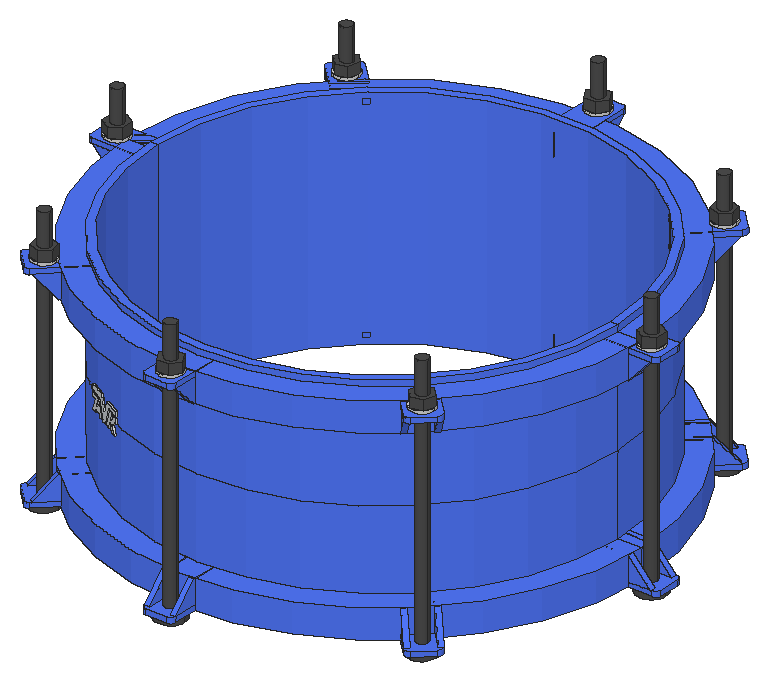
Revit family "601-A-005-DN350-400", category Pipe Accessories, Revit 2019
Family settings
  Round Connector Dimension = Use Diameter
  Part Type = Valve - Breaks Into
  Work Plane-Based = No
  Always vertical = Yes
  Cut with Voids When Loaded = No
  Shared = No
Parameters (values of type "DN400_436-462")
  W2 = (D3 / 2) - 5 mm  # 286 mm
  W1 = 32 mm  # constant formula
  URL_product_pages = "https://www.avkvalves.com/P.aspx?no=6014620004100"
  Search_Table = "601-A-005-DN350-400"
  PCD_Ref_2 = PCD + 24 mm  # 570 mm
  PCD_Ref = PCD - 20 mm  # 526 mm
  PCD = size_lookup(Search_Table, "PCD", 0 mm, DN)  # 546 mm
  L1 = size_lookup(Search_Table, "L1", 0 mm, DN)  # 160 mm
  L = size_lookup(Search_Table, "L", 0 mm, DN)  # 270 mm
  ID = DN / 2  # 200.05 mm
  F = 5 mm  # constant formula
  Description_ = "AVK UNIVERSAL SUPA® STRAIGHT COUPLING"
  DN_Ref = DN2 / 2  # 231 mm
  DN400_436-462 = "601-462-000-4100"
  DN400_410-436 = "601-436-000-4100"
  DN350_384-410 = "601-410-000-4100"
  DN350_372-396 = "601-396-000-4100"
  DN350_352-378 = "601-378-000-4100"
  DN2 = size_lookup(Search_Table, "DN2", 0 mm, DN)  # 462 mm
  DN = 400.1 mm
  D3_Ref = D3 - 12 mm  # 570 mm
  D3 = size_lookup(Search_Table, "D3", 0 mm, DN)  # 582 mm
  D2 = D1 / 1.1  # 239.091 mm
  D1 = size_lookup(Search_Table, "D1", 0 mm, DN) / 2  # 263 mm
  Body_height_ref = Body_height - 12 mm  # 219 mm
  Body_height = size_lookup(Search_Table, "Body_height", 0 mm, DN)  # 231 mm
  B2 = Body_height / 2  # 115.5 mm
Types (6, lengths in mm): name | W2 | PCD_Ref_2 | PCD_Ref | PCD | ID | DN_Ref | DN2 | DN | D3_Ref | D3 | D2 | D1
  (no name) | 286 | 570 | 526 | 546 | 200.05 | 231 | 462 | 400.1 | 570 | 582 | 239.091 | 263
  DN350_372-396 | 260 | 518 | 474 | 494 | 175.05 | 198.5 | 397 | 350.1 | 518 | 530 | 215 | 236.5
  DN350_384-410 | 260 | 518 | 474 | 494 | 175.1 | 205 | 410 | 350.2 | 518 | 530 | 215 | 236.5
  DN400_410-436 | 273 | 544 | 500 | 520 | 200 | 218 | 436 | 400 | 544 | 556 | 227.273 | 250
  DN400_436-462 | 286 | 570 | 526 | 546 | 200.05 | 231 | 462 | 400.1 | 570 | 582 | 239.091 | 263
  DN350_352-378 | 251.5 | 500 | 456 | 476 | 175 | 189 | 378 | 350 | 501 | 513 | 207.273 | 228
Reference planes
  plane 1 "Center (Front/Back)": y = 0
  plane 2: z = 0
  plane 3 "Center (Left/Right)": x = 0
  plane 4: y = 291
  plane 5: x = -16
  plane 6: x = 16
  plane 7: x = -16
  plane 8: y = -291
  plane 9: x = 16
  plane 10: x = -11
  plane 11: y = 286
  plane 12: x = 11
  plane 13: y = 286
  plane 14: y = -286
  plane 15: x = 11
  plane 16: x = -11
  plane 17: y = -286
  plane 18: y = -16
  plane 19: y = 16
  plane 20: x = 16
  plane 21: x = -16
  plane 22: x = 273
  plane 23: x = -273
  plane 24: y = 273
  plane 25: y = -273
  plane 26: z = 109.5
  plane 27: z = -109.5
  plane 28: z = -115.5
  plane 29: z = 154.5
  plane 30: z = 98.5
  plane 31: through (0, 0, 1200) normal (-0.5, -0.866, 0)
  plane 32: through (167.143, 96.5, 1200) normal (0.5, -0.866, 0)
  plane 33: z = 112.274
  plane 34: through (0, 0, 1200) normal (-0.7071, 0.7071, 0)
  plane 35: through (0, 0, 1200) normal (-0.7071, -0.7071, 0)
  plane 36: through (-230.179, -207.552, 1200) normal (-0.7071, 0.7071, 0)
  plane 37: through (212.337, 189.709, 1200) normal (0.7071, -0.7071, 0)
  plane 38: through (-177.4, -234.136, 1200) normal (-0.7071, -0.7071, 0)
  plane 39: through (177.567, 233.969, 1200) normal (0.7071, 0.7071, 0)
  plane 40: through (-219.827, -184.638, 1200) normal (-0.7071, -0.7071, 0)
  plane 41: through (184.638, 219.827, 1200) normal (-0.7071, -0.7071, 0)
  plane 42: through (179.943, 195.499, 1200) normal (-0.7071, 0.7071, 0)
  plane 43: through (195.499, 179.943, 1200) normal (-0.7071, 0.7071, 0)
  plane 44: through (-208.966, -193.41, 1200) normal (0.7071, -0.7071, 0)
  plane 45: through (-193.41, -208.966, 1200) normal (0.7071, -0.7071, 0)
  plane 46: through (-211.811, 189.183, 1200) normal (0.7071, 0.7071, 0)
  plane 47: through (-189.183, 211.811, 1200) normal (0.7071, 0.7071, 0)
  plane 48: through (-240.477, 171.059, 1200) normal (-0.7071, 0.7071, 0)
  plane 49: through (174.595, -236.941, 1200) normal (-0.7071, 0.7071, 0)
  plane 50: through (-178.577, 194.133, 1200) normal (-0.7071, -0.7071, 0)
  plane 51: through (-176.837, 227.628, 1200) normal (-0.7071, 0.7071, 0)
  plane 52: through (-194.133, 178.577, 1200) normal (-0.7071, -0.7071, 0)
  plane 53: through (227.628, -176.837, 1200) normal (-0.7071, 0.7071, 0)
  plane 54: through (196.19, -180.634, 1200) normal (-0.7071, -0.7071, 0)
  plane 55: through (180.634, -196.19, 1200) normal (0.7071, 0.7071, 0)
  plane 56: through (188.737, -215.728, 1200) normal (-0.7071, 0.7071, 0)
  plane 57: through (-213.546, 190.919, 1200) normal (0.7071, -0.7071, 0)
  plane 58: y = 11
  plane 59: x = -285.643
  plane 60: y = -11
  plane 61: x = -285.643
  plane 62: x = 285.643
  plane 63: y = 11
  plane 64: y = -11
  plane 65: x = 285.643
  plane 66: x = -291
  plane 67: x = 291
  plane 68: through (-213.546, 190.919, 1200) normal (0.7071, -0.7071, 0)
  plane 69: through (-190.919, 213.546, 1200) normal (-0.7071, 0.7071, 0)
  plane 70: through (-198.151, 175.524, 1200) normal (-0.7071, -0.7071, 0)
  plane 71: through (-186.13, 208.758, 1200) normal (0.7071, 0.7071, 0)
  plane 72: through (189.889, -221.648, 1200) normal (-0.7071, 0.7071, 0)
  plane 73: through (213.546, -190.919, 1200) normal (-0.7071, 0.7071, 0)
  plane 74: through (190.919, -213.546, 1200) normal (0.7071, -0.7071, 0)
  plane 75: through (-220.617, 190.919, 1200) normal (-0.7071, 0.7071, 0)
  plane 76: through (-197.922, 182.365, 1200) normal (-0.7071, -0.7071, 0)
  plane 77: through (-182.595, 198.151, 1200) normal (-0.7071, -0.7071, 0)
  plane 78: through (198.151, -182.595, 1200) normal (-0.7071, -0.7071, 0)
  plane 79: through (182.595, -198.151, 1200) normal (-0.7071, -0.7071, 0)
  plane 80: through (-217.411, -194.783, 1200) normal (-0.7071, 0.7071, 0)
  plane 81: through (215.829, 193.201, 1200) normal (0.7071, -0.7071, 0)
  plane 82: through (-224.153, -187.383, 1200) normal (0.7071, 0.7071, 0)
  plane 83: through (180.312, 231.224, 1200) normal (0.7071, 0.7071, 0)
  plane 84: through (182.595, 198.151, 1200) normal (-0.7071, 0.7071, 0)
  plane 85: through (198.151, 182.595, 1200) normal (-0.7071, 0.7071, 0)
  plane 86: through (190.919, 213.546, 1200) normal (-0.7071, -0.7071, 0)
  plane 87: through (213.546, 190.919, 1200) normal (-0.7071, -0.7071, 0)
  plane 88: through (-190.919, -213.546, 1200) normal (-0.7071, -0.7071, 0)
  plane 89: through (-182.595, -198.151, 1200) normal (-0.7071, 0.7071, 0)
  plane 90: through (-213.546, -190.919, 1200) normal (-0.7071, -0.7071, 0)
  plane 91: through (-198.151, -182.595, 1200) normal (0.7071, -0.7071, 0)
Forms (mm)
  Revolve 1, solid, material "Plastic"
    sketch origin (0, 0, 0) x (1, 0, 0) y (0, 0, 1)
      loop
        line (0, 115.5) -> (0, -115.5) -> (239.091, -115.5) -> (239.091, -109.5) -> (263, -109.5) -> (263, -80) -> (239.091, -80) -> (239.091, 0) -> (239.091, 80) -> (263, 80) -> (263, 109.5) -> (239.091, 109.5) -> (239.091, 115.5) -> (0, 115.5)
      axis (0, -115.5) -> (0, 115.5)
    angle from 0 to 360
  Extrusion 2, solid, material "Plastic"
    sketch origin (0, 0, 0) x (1, 0, 0) y (0, 1, 0)
      loop
        arc (-11, 291) -> (-14.536, 289.536) -> (-16, 286) r 5
        line (-16, 286) -> (-16, -16) -> (-16, -286)
        arc (-16, -286) -> (-14.536, -289.536) -> (-11, -291) r 5
        line (-11, -291) -> (11, -291)
        arc (11, -291) -> (14.536, -289.536) -> (16, -286) r 5
        line (16, -286) -> (16, -16) -> (16, 286)
        arc (16, 286) -> (14.536, 289.536) -> (11, 291) r 5
        line (11, 291) -> (-11, 291)
    from 104.5 to 109.5
  Extrusion 3, solid, material "Plastic"
    sketch origin (0, 0, 0) x (1, 0, 0) y (0, 1, 0)
      loop
        line (16, 16) -> (16, 286)
        arc (16, 286) -> (14.536, 289.536) -> (11, 291) r 5
        line (11, 291) -> (-11, 291)
        arc (-11, 291) -> (-14.536, 289.536) -> (-16, 286) r 5
        line (-16, 286) -> (-16, 16) -> (-16, -286)
        arc (-16, -286) -> (-14.536, -289.536) -> (-11, -291) r 5
        line (-11, -291) -> (11, -291)
        arc (11, -291) -> (14.536, -289.536) -> (16, -286) r 5
        line (16, -286) -> (16, 16)
    from -109.5 to -104.5
  Extrusion 4, solid, material "Plastic"
    sketch origin (0, 0, 0) x (0.5, 0.866025, 0) y (-0.866025, 0.5, 0)
      loop
        line (58.567, 280.396) -> (-89.477, -272.114)
        arc (-89.477, -272.114) -> (-88.978, -275.908) -> (-85.942, -278.237) r 5
        line (-85.942, -278.237) -> (-64.691, -283.931)
        arc (-64.691, -283.931) -> (-60.897, -283.432) -> (-58.567, -280.396) r 5
        line (-58.567, -280.396) -> (89.477, 272.114)
        arc (89.477, 272.114) -> (88.978, 275.908) -> (85.942, 278.237) r 5
        line (85.942, 278.237) -> (64.691, 283.931)
        arc (64.691, 283.931) -> (60.897, 283.432) -> (58.567, 280.396) r 5
    from 104.5 to 109.5
  Extrusion 5, solid, material "Plastic"
    sketch origin (0, 0, 0) x (-0.5, 0.866025, 0) y (-0.866025, -0.5, 0)
      loop
        line (89.477, -272.114) -> (-58.567, 280.396)
        arc (-58.567, 280.396) -> (-60.897, 283.432) -> (-64.691, 283.931) r 5
        line (-64.691, 283.931) -> (-85.942, 278.237)
        arc (-85.942, 278.237) -> (-88.978, 275.908) -> (-89.477, 272.114) r 5
        line (-89.477, 272.114) -> (58.567, -280.396)
        arc (58.567, -280.396) -> (60.897, -283.432) -> (64.691, -283.931) r 5
        line (64.691, -283.931) -> (85.942, -278.237)
        arc (85.942, -278.237) -> (88.978, -275.908) -> (89.477, -272.114) r 5
    from 104.5 to 109.5
  Extrusion 6, solid, material "Plastic"
    sketch origin (0, 0, 0) x (1, 0, 0) y (0, 1, 0)
      loop
        line (213.546, -190.919) -> (22.627, 0) -> (213.546, 190.919)
        arc (213.546, 190.919) -> (215.011, 194.454) -> (213.546, 197.99) r 5
        line (213.546, 197.99) -> (197.99, 213.546)
        arc (197.99, 213.546) -> (194.454, 215.011) -> (190.919, 213.546) r 5
        line (190.919, 213.546) -> (0, 22.627) -> (-190.919, 213.546)
        arc (-190.919, 213.546) -> (-194.454, 215.011) -> (-197.99, 213.546) r 5
        line (-197.99, 213.546) -> (-213.546, 197.99)
        arc (-213.546, 197.99) -> (-215.011, 194.454) -> (-213.546, 190.919) r 5
        line (-213.546, 190.919) -> (-22.627, 0) -> (-213.546, -190.919)
        arc (-213.546, -190.919) -> (-215.011, -194.454) -> (-213.546, -197.99) r 5
        line (-213.546, -197.99) -> (-197.99, -213.546)
        arc (-197.99, -213.546) -> (-194.454, -215.011) -> (-190.919, -213.546) r 5
        line (-190.919, -213.546) -> (0, -22.627) -> (190.919, -213.546)
        arc (190.919, -213.546) -> (194.454, -215.011) -> (197.99, -213.546) r 5
        line (197.99, -213.546) -> (213.546, -197.99)
        arc (213.546, -197.99) -> (215.011, -194.454) -> (213.546, -190.919) r 5
    from -104.5 to -109.5
  Extrusion 7, solid, material "Stainless Steel AISI 304"
    sketch origin (0, 0, 0) x (1, 0, 0) y (0, 1, 0)
      loop
        circle (0, 273) r 6
      loop
        circle (0, -273) r 6
      loop
        circle (-193.04, 193.04) r 6
      loop
        circle (193.04, -193.04) r 6
      loop
        circle (-193.04, -193.04) r 6
      loop
        circle (193.04, 193.04) r 6
      loop
        circle (-273, 0) r 6
      loop
        circle (273, 0) r 6
    from -104.5 to 154.5
  Extrusion 8, solid, material "Stainless Steel AISI 304(1)"
    sketch origin (0, 0, 0) x (1, 0, 0) y (0, 1, 0)
      loop
        circle (0, 273) r 12
      loop
        circle (0, -273) r 12
      loop
        circle (-193.04, 193.04) r 12
      loop
        circle (193.04, 193.04) r 12
      loop
        circle (-193.04, -193.04) r 12
      loop
        circle (193.04, -193.04) r 12
      loop
        circle (-273, 0) r 12
      loop
        circle (273, 0) r 12
    from 109.5 to 111.822
  Extrusion 9, solid, material "Stainless Steel AISI 304"
    sketch origin (0, 0, 0) x (1, 0, 0) y (0, 1, 0)
      loop
        line (12, 273) -> (6, 283.392) -> (-6, 283.392) -> (-12, 273) -> (-6, 262.608) -> (6, 262.608) -> (12, 273)
      loop
        line (189.934, -204.631) -> (201.525, -201.525) -> (204.631, -189.934) -> (196.146, -181.449) -> (184.555, -184.555) -> (181.449, -196.146) -> (189.934, -204.631)
      loop
        line (12, -273) -> (6, -262.608) -> (-6, -262.608) -> (-12, -273) -> (-6, -283.392) -> (6, -283.392) -> (12, -273)
      loop
        line (-189.934, 204.631) -> (-201.525, 201.525) -> (-204.631, 189.934) -> (-196.146, 181.449) -> (-184.555, 184.555) -> (-181.449, 196.146) -> (-189.934, 204.631)
      loop
        line (-189.934, -204.631) -> (-181.449, -196.146) -> (-184.555, -184.555) -> (-196.146, -181.449) -> (-204.631, -189.934) -> (-201.525, -201.525) -> (-189.934, -204.631)
      loop
        line (189.934, 204.631) -> (181.449, 196.146) -> (184.555, 184.555) -> (196.146, 181.449) -> (204.631, 189.934) -> (201.525, 201.525) -> (189.934, 204.631)
      loop
        line (283.392, -6) -> (283.392, 6) -> (273, 12) -> (262.608, 6) -> (262.608, -6) -> (273, -12) -> (283.392, -6)
      loop
        line (-283.392, 6) -> (-283.392, -6) -> (-273, -12) -> (-262.608, -6) -> (-262.608, 6) -> (-273, 12) -> (-283.392, 6)
    from 111.822 to 122.274
  Extrusion 10, solid, material "Stainless Steel AISI 304"
    sketch origin (0, 0, 0) x (1, 0, 0) y (0, 1, 0)
      loop
        circle (0, 273) r 15
      loop
        circle (0, -273) r 15
      loop
        circle (193.04, 193.04) r 15
      loop
        circle (-193.04, 193.04) r 15
      loop
        circle (193.04, -193.04) r 15
      loop
        circle (-193.04, -193.04) r 15
      loop
        circle (-273, 0) r 15
      loop
        circle (273, 0) r 15
    from -109.5 to -115.5
  Blend 11, solid, material "Plastic"
    base sketch origin (0, 0, 0) x (1, 0, 0) y (0, 1, 0)
      loop
        line (16, 286) -> (11, 286) -> (11, -286) -> (16, -286) -> (16, 286)
    top sketch origin (0, 0, 0) x (1, 0, 0) y (0, 1, 0)
      loop
        line (10.961, 263) -> (10.961, -263) -> (16, -263) -> (16, 263) -> (10.961, 263)
    from 104.5 to 80
  Blend 12, solid, material "Plastic"
    base sketch origin (0, 0, 0) x (1, 0, 0) y (0, 1, 0)
      loop
        line (-16, 286) -> (-16, -286) -> (-11, -286) -> (-11, 286) -> (-16, 286)
    top sketch origin (0, 0, 0) x (1, 0, 0) y (0, 1, 0)
      loop
        line (-16, 263) -> (-16, -263) -> (-11, -263) -> (-11, 263) -> (-16, 263)
    from 104.5 to 80
  Blend 13, solid, material "Plastic"
    base sketch origin (0, 0, 0) x (1, 0, 0) y (0, 1, 0)
      loop
        line (193.747, 209.304) -> (190.212, 212.839) -> (-212.839, -190.212) -> (-209.304, -193.747) -> (193.747, 209.304)
    top sketch origin (0, 0, 0) x (1, 0, 0) y (0, 1, 0)
      loop
        line (178.191, 193.747) -> (174.655, 197.283) -> (-197.283, -174.655) -> (-193.747, -178.191) -> (178.191, 193.747)
    from 104.5 to 80
  Blend 14, solid, material "Plastic"
    base sketch origin (0, 0, 0) x (1, 0, 0) y (0, 1, 0)
      loop
        line (212.839, 190.212) -> (209.304, 193.747) -> (-193.747, -209.304) -> (-190.212, -212.839) -> (212.839, 190.212)
    top sketch origin (0, 0, 0) x (1, 0, 0) y (0, 1, 0)
      loop
        line (193.747, 178.191) -> (-178.191, -193.747) -> (-174.655, -197.283) -> (197.283, 174.655) -> (193.747, 178.191)
    from 104.5 to 80
  Blend 15, solid, material "Plastic"
    base sketch origin (0, 0, 0) x (1, 0, 0) y (0, 1, 0)
      loop
        line (-190.212, 212.839) -> (-193.747, 209.304) -> (209.304, -193.747) -> (212.839, -190.212) -> (-190.212, 212.839)
    top sketch origin (0, 0, 0) x (1, 0, 0) y (0, 1, 0)
      loop
        line (-174.655, 197.283) -> (-178.191, 193.747) -> (193.747, -178.191) -> (197.283, -174.655) -> (-174.655, 197.283)
    from 104.5 to 80
  Blend 16, solid, material "Plastic"
    base sketch origin (0, 0, 0) x (1, 0, 0) y (0, 1, 0)
      loop
        line (-212.839, 190.212) -> (190.212, -212.839) -> (193.475, -209.576) -> (-209.576, 193.475) -> (-212.839, 190.212)
    top sketch origin (0, 0, 0) x (1, 0, 0) y (0, 1, 0)
      loop
        line (-197.283, 174.655) -> (174.655, -197.283) -> (177.919, -194.019) -> (-194.019, 177.919) -> (-197.283, 174.655)
    from 104.5 to 80
  Blend 17, solid, material "Plastic"
    base sketch origin (0, 0, 0) x (1, 0, 0) y (0, 1, 0)
      loop
        line (-212.839, 190.212) -> (190.212, -212.839) -> (193.475, -209.576) -> (-209.576, 193.475) -> (-212.839, 190.212)
    top sketch origin (0, 0, 0) x (1, 0, 0) y (0, 1, 0)
      loop
        line (-194.019, 177.919) -> (-197.283, 174.655) -> (174.655, -197.283) -> (177.919, -194.019) -> (-194.019, 177.919)
    from -104.5 to -80
  Blend 18, solid, material "Plastic"
    base sketch origin (0, 0, 0) x (1, 0, 0) y (0, 1, 0)
      loop
        line (-212.839, 190.212) -> (190.212, -212.839) -> (193.475, -209.576) -> (-209.576, 193.475) -> (-212.839, 190.212)
    top sketch origin (0, 0, 0) x (1, 0, 0) y (0, 1, 0)
      loop
        line (-197.283, 174.655) -> (174.655, -197.283) -> (177.919, -194.019) -> (-194.019, 177.919) -> (-197.283, 174.655)
    from -104.5 to -80
  Blend 19, solid, material "Plastic"
    base sketch origin (0, 0, 0) x (1, 0, 0) y (0, 1, 0)
      loop
        line (193.747, 209.304) -> (190.212, 212.839) -> (-212.839, -190.212) -> (-209.304, -193.747) -> (193.747, 209.304)
    top sketch origin (0, 0, 0) x (1, 0, 0) y (0, 1, 0)
      loop
        line (178.191, 193.747) -> (174.655, 197.283) -> (-197.283, -174.655) -> (-193.747, -178.191) -> (178.191, 193.747)
    from -104.5 to -80
  Blend 20, solid, material "Plastic"
    base sketch origin (0, 0, 0) x (1, 0, 0) y (0, 1, 0)
      loop
        line (212.839, 190.212) -> (209.304, 193.747) -> (-193.747, -209.304) -> (-190.212, -212.839) -> (212.839, 190.212)
    top sketch origin (0, 0, 0) x (1, 0, 0) y (0, 1, 0)
      loop
        line (193.747, 178.191) -> (-178.191, -193.747) -> (-174.655, -197.283) -> (197.283, 174.655) -> (193.747, 178.191)
    from -104.5 to -80
  Blend 21, solid, material "Plastic"
    base sketch origin (0, 0, 0) x (1, 0, 0) y (0, 1, 0)
      loop
        line (11, 286) -> (11, -286) -> (16, -286) -> (16, 286) -> (11, 286)
    top sketch origin (0, 0, 0) x (1, 0, 0) y (0, 1, 0)
      loop
        line (10.961, 263) -> (10.961, -263) -> (16, -263) -> (16, 263) -> (10.961, 263)
    from -104.5 to -80
  Blend 22, solid, material "Plastic"
    base sketch origin (0, 0, 0) x (1, 0, 0) y (0, 1, 0)
      loop
        line (-11, 286) -> (-16, 286) -> (-16, -286) -> (-11, -286) -> (-11, 286)
    top sketch origin (0, 0, 0) x (1, 0, 0) y (0, 1, 0)
      loop
        line (-11, -263) -> (-11, 263) -> (-16, 263) -> (-16, -263) -> (-11, -263)
    from -104.5 to -80
  Extrusion 23, solid, material "Plastic"
    sketch origin (0, 0, 0) x (1, 0, 0) y (0, 1, 0)
      loop
        arc (-285.643, 16) -> (-289.307, 14.556) -> (-291, 11) r 5.37
        line (-291, 11) -> (-291, -11)
        arc (-291, -11) -> (-289.408, -14.664) -> (-285.643, -16) r 5.012
        line (-285.643, -16) -> (285.643, -16)
        arc (285.643, -16) -> (289.307, -14.556) -> (291, -11) r 5.37
        line (291, -11) -> (291, 11)
        arc (291, 11) -> (289.408, 14.664) -> (285.643, 16) r 5.012
        line (285.643, 16) -> (-285.643, 16)
    from 104.5 to 109.5
  Blend 24, solid, material "Plastic"
    base sketch origin (0, 0, 0) x (1, 0, 0) y (0, 1, 0)
      loop
        line (-285, 16) -> (-285, 11) -> (285, 11) -> (285, 16) -> (-285, 16)
    top sketch origin (0, 0, 0) x (1, 0, 0) y (0, 1, 0)
      loop
        line (-263, 16) -> (-263, 11) -> (263, 11) -> (263, 16) -> (-263, 16)
    from 104.5 to 80
  Blend 25, solid, material "Plastic"
    base sketch origin (0, 0, 0) x (1, 0, 0) y (0, 1, 0)
      loop
        line (-263, -16) -> (263, -16) -> (263, -11) -> (-263, -11) -> (-263, -16)
    top sketch origin (0, 0, 0) x (1, 0, 0) y (0, 1, 0)
      loop
        line (-285, -16) -> (285, -16) -> (285, -11) -> (-285, -11) -> (-285, -16)
    from 80 to 104.5
  Blend 26, solid, material "Plastic"
    base sketch origin (0, 0, 0) x (1, 0, 0) y (0, 1, 0)
      loop
        line (-285, -11) -> (-285, -16) -> (285, -16) -> (285, -11) -> (-285, -11)
    top sketch origin (0, 0, 0) x (1, 0, 0) y (0, 1, 0)
      loop
        line (-263, -11) -> (-263, -16) -> (263, -16) -> (263, -11) -> (-263, -11)
    from -104.5 to -80
  Blend 27, solid, material "Plastic"
    base sketch origin (0, 0, 0) x (1, 0, 0) y (0, 1, 0)
      loop
        line (-285.643, 16) -> (-285.643, 11) -> (285, 11) -> (285, 16) -> (-285.643, 16)
    top sketch origin (0, 0, 0) x (1, 0, 0) y (0, 1, 0)
      loop
        line (-263, 16) -> (-263, 11) -> (263, 11) -> (263, 16) -> (-263, 16)
    from -104.5 to -80
  Extrusion 28, solid, material "Plastic"
    sketch origin (0, 0, 0) x (1, 0, 0) y (0, 1, 0)
      loop
        line (285.643, 16) -> (-285.643, 16)
        arc (-285.643, 16) -> (-289.307, 14.556) -> (-291, 11) r 5.37
        line (-291, 11) -> (-291, -11)
        arc (-291, -11) -> (-289.408, -14.664) -> (-285.643, -16) r 5.012
        line (-285.643, -16) -> (285.643, -16)
        arc (285.643, -16) -> (289.307, -14.556) -> (291, -11) r 5.37
        line (291, -11) -> (291, 11)
        arc (291, 11) -> (289.408, 14.664) -> (285.643, 16) r 5.012
    from -104.5 to -109.5
  Blend 29, solid, material "Plastic"
    base sketch origin (0, 0, 0) x (1, 0, 0) y (0, 1, 0)
      loop
        line (-193.747, 209.304) -> (209.304, -193.747) -> (212.839, -190.212) -> (-190.212, 212.839) -> (-193.747, 209.304)
    top sketch origin (0, 0, 0) x (1, 0, 0) y (0, 1, 0)
      loop
        line (-178.191, 193.747) -> (193.747, -178.191) -> (197.283, -174.655) -> (-174.655, 197.283) -> (-178.191, 193.747)
    from -104.5 to -80
  Revolve 30, void
    sketch origin (0, 0, 0) x (1, 0, 0) y (0, 0, 1)
      loop
        line (0, 115.5) -> (0, -115.5) -> (231, -115.5) -> (231, 115.5) -> (0, 115.5)
      axis (0, -115.5) -> (0, 115.5)
    angle from 0 to 360
Cuts and joins
  Revolve 30 cuts Revolve 1
  Revolve 30 cuts Extrusion 2
  Revolve 30 cuts Extrusion 3
  Revolve 30 cuts Extrusion 4
  Revolve 30 cuts Extrusion 5
  Revolve 30 cuts Extrusion 6
  Revolve 30 cuts Blend 11
  Revolve 30 cuts Blend 12
  Revolve 30 cuts Blend 13
  Revolve 30 cuts Blend 14
  Revolve 30 cuts Blend 15
  Revolve 30 cuts Blend 16
  Revolve 30 cuts Blend 17
  Revolve 30 cuts Blend 18
  Revolve 30 cuts Blend 19
  Revolve 30 cuts Blend 20
  Revolve 30 cuts Blend 21
  Revolve 30 cuts Blend 22
  Revolve 30 cuts Extrusion 23
  Revolve 30 cuts Blend 24
  Revolve 30 cuts Blend 25
  Revolve 30 cuts Blend 26
  Revolve 30 cuts Blend 27
  Revolve 30 cuts Extrusion 28
  Revolve 30 cuts Blend 29
Dimensions and locks
  "L1": Revolve 1 sketch curve to Revolve 1 sketch curve
  equal spacing: Revolve 1 sketch curve, level, Revolve 1 sketch curve  (x2)
  "D1": Revolve 1 sketch curve to plane 3 "Center (Left/Right)"
  "D2": Revolve 1 sketch curve to Revolve 1 sketch curve
  locked: plane 12 to plane 6 at 5
  locked: plane 4 to plane 13 at 5
  locked: plane 5 to plane 10 at 5
  locked: plane 4 to plane 11 at 5
  locked: plane 17 to plane 8 at 5
  locked: plane 14 to plane 8 at 5
  locked: plane 7 to plane 16 at 5
  locked: plane 15 to plane 9 at 5
  equal spacing: plane 5, plane 3 "Center (Left/Right)", plane 6
  equal spacing: plane 7, plane 3 "Center (Left/Right)", plane 9
  "W1": plane 5 to plane 6
  "W1": plane 7 to plane 9
  equal spacing: plane 4, plane 1 "Center (Front/Back)", plane 8
  "D3": plane 4 to plane 8
  equal spacing: plane 22, plane 3 "Center (Left/Right)", plane 23
  "PCD": plane 22 to plane 23
  equal spacing: plane 24, plane 1 "Center (Front/Back)", plane 25
  "PCD": plane 24 to plane 25
  locked: Revolve 1 sketch curve to Revolve 1 sketch curve at 6  (x2)
  "Body_height": Revolve 1 sketch curve to Revolve 1 sketch curve
  equal spacing: plane 26, level, plane 27
  "Body_height_ref": plane 26 to plane 27
  "F": Extrusion 3 to plane 27
  "F": plane 26 to Extrusion 2
  "B2": level to plane 28
  "L": plane 29 to plane 28
  equal spacing: Extrusion 7 sketch curve, plane 1 "Center (Front/Back)", Extrusion 7 sketch curve
  "PCD": Extrusion 7 sketch curve to Extrusion 7 sketch curve  (x4)
  equal spacing: Extrusion 8 sketch curve, plane 1 "Center (Front/Back)", Extrusion 8 sketch curve
  "PCD": Extrusion 8 sketch curve to Extrusion 8 sketch curve  (x4)
  locked: Extrusion 8 to plane 26 at 2.322
  equal spacing: Extrusion 9 sketch curve, plane 1 "Center (Front/Back)", Extrusion 9 sketch curve
  "PCD": Extrusion 9 sketch curve to Extrusion 9 sketch curve  (x2)
  locked: Extrusion 9 to Extrusion 8 at 10.452
  "PCD_Ref_2": Extrusion 9 sketch curve to Extrusion 9 sketch curve  (x2)
  equal spacing: Extrusion 10 sketch curve, plane 1 "Center (Front/Back)", Extrusion 10 sketch curve
  "PCD": Extrusion 10 sketch curve to Extrusion 10 sketch curve  (x4)
  locked: Blend 11 sketch curve to Blend 11 sketch curve at 5
  equal spacing: Blend 12 sketch curve, plane 1 "Center (Front/Back)", Blend 12 sketch curve
  "PCD_Ref": Blend 12 sketch curve to Blend 12 sketch curve
  equal spacing: Blend 11 sketch curve, plane 1 "Center (Front/Back)", Blend 11 sketch curve
  "PCD_Ref": Blend 11 sketch curve to Blend 11 sketch curve
  equal spacing: plane 36, plane 34, plane 37
  locked: plane 41 to plane 39 at 5
  locked: plane 36 to plane 42 at 5
  locked: plane 43 to plane 37 at 5
  locked: plane 37 to plane 45 at 5
  locked: plane 36 to plane 44 at 5
  locked: plane 38 to plane 40 at 5
  "W1": plane 36 to plane 37
  equal spacing: plane 38, plane 35, plane 39
  "D3": plane 39 to plane 38
  locked: plane 48 to plane 51 at 5
  locked: plane 52 to plane 46 at 5
  locked: plane 50 to plane 47 at 5
  locked: plane 53 to plane 49 at 5
  locked: plane 54 to plane 47 at 5
  locked: plane 55 to plane 46 at 5
  equal spacing: plane 48, plane 34, plane 49
  equal spacing: plane 47, plane 35, plane 46
  "W1": plane 47 to plane 46
  locked: plane 48 to plane 57 at 5
  locked: plane 56 to plane 49 at 5
  "D3": plane 48 to plane 49
  equal spacing: Extrusion 7 sketch curve, plane 34, Extrusion 7 sketch curve
  equal spacing: Extrusion 7 sketch curve, plane 35, Extrusion 7 sketch curve
  equal spacing: Extrusion 10 sketch curve, plane 34, Extrusion 10 sketch curve
  equal spacing: Extrusion 10 sketch curve, plane 35, Extrusion 10 sketch curve
  equal spacing: Extrusion 8 sketch curve, plane 34, Extrusion 8 sketch curve
  equal spacing: Extrusion 8 sketch curve, plane 35, Extrusion 8 sketch curve
  equal spacing: Extrusion 9 sketch curve, plane 34, Extrusion 9 sketch curve
  equal spacing: Extrusion 9 sketch curve, plane 35, Extrusion 9 sketch curve
  equal spacing: Blend 13 sketch curve, plane 35, Blend 13 sketch curve  (x2)
  "D3_Ref": Blend 13 sketch curve to Blend 13 sketch curve
  "PCD_Ref": Blend 13 sketch curve to Blend 13 sketch curve
  equal spacing: Blend 14 sketch curve, plane 35, Blend 14 sketch curve  (x2)
  "PCD_Ref": Blend 14 sketch curve to Blend 14 sketch curve
  "D3_Ref": Blend 14 sketch curve to Blend 14 sketch curve
  equal spacing: Blend 20 sketch curve, plane 35, Blend 20 sketch curve  (x2)
  "PCD_Ref": Blend 20 sketch curve to Blend 20 sketch curve
  locked: Blend 20 sketch curve to Blend 20 sketch curve at 5
  "D3_Ref": Blend 20 sketch curve to Blend 20 sketch curve
  equal spacing: Blend 19 sketch curve, plane 35, Blend 19 sketch curve  (x2)
  "PCD_Ref": Blend 19 sketch curve to Blend 19 sketch curve
  equal spacing: Blend 15 sketch curve, plane 34, Blend 15 sketch curve  (x2)
  "PCD_Ref": Blend 15 sketch curve to Blend 15 sketch curve
  "D3_Ref": Blend 15 sketch curve to Blend 15 sketch curve
  equal spacing: Blend 16 sketch curve, plane 34, Blend 16 sketch curve  (x2)
  "PCD_Ref": Blend 16 sketch curve to Blend 16 sketch curve
  "D3_Ref": Blend 16 sketch curve to Blend 16 sketch curve
  equal spacing: Blend 18 sketch curve, plane 34, Blend 18 sketch curve  (x2)
  "PCD_Ref": Blend 18 sketch curve to Blend 18 sketch curve
  "D3_Ref": Blend 18 sketch curve to Blend 18 sketch curve
  equal spacing: Blend 17 sketch curve, plane 34, Blend 17 sketch curve  (x2)
  "PCD_Ref": Blend 17 sketch curve to Blend 17 sketch curve
  "D3_Ref": Blend 17 sketch curve to Blend 17 sketch curve
  equal spacing: Extrusion 10 sketch curve, plane 3 "Center (Left/Right)", Extrusion 10 sketch curve
  equal spacing: Extrusion 7 sketch curve, plane 3 "Center (Left/Right)", Extrusion 7 sketch curve
  equal spacing: Extrusion 8 sketch curve, plane 3 "Center (Left/Right)", Extrusion 8 sketch curve
  equal spacing: Extrusion 9 sketch curve, plane 3 "Center (Left/Right)", Extrusion 9 sketch curve
  equal spacing: plane 66, plane 3 "Center (Left/Right)", plane 67
  "D3": plane 66 to plane 67
  locked: plane 62 to plane 67 at 5.357
  locked: plane 19 to plane 63 at 5
  locked: plane 18 to plane 64 at 5
  locked: plane 65 to plane 67 at 5.357
  locked: plane 66 to plane 59 at 5.357
  locked: plane 58 to plane 19 at 5
  locked: plane 18 to plane 60 at 5
  locked: plane 66 to plane 61 at 5.357
  locked: Blend 24 sketch curve to Blend 24 sketch curve at 5
  equal spacing: Blend 24 sketch curve, plane 3 "Center (Left/Right)", Blend 24 sketch curve  (x2)
  "D3_Ref": Blend 24 sketch curve to Blend 24 sketch curve
  "PCD_Ref": Blend 24 sketch curve to Blend 24 sketch curve
  locked: Blend 25 sketch curve to Extrusion 23 at 5
  equal spacing: Blend 25 sketch curve, plane 3 "Center (Left/Right)", Blend 25 sketch curve  (x2)
  "PCD_Ref": Blend 25 sketch curve to Blend 25 sketch curve
  locked: Extrusion 23 to Blend 25 sketch curve at 5
  "D3_Ref": Blend 25 sketch curve to Blend 25 sketch curve
  equal spacing: Blend 27 sketch curve, plane 3 "Center (Left/Right)", Blend 27 sketch curve
  "PCD_Ref": Blend 27 sketch curve to Blend 27 sketch curve
  locked: plane 88 to plane 82 at 5
  locked: plane 89 to plane 81 at 5
  locked: plane 80 to plane 91 at 5
  locked: plane 90 to plane 82 at 5
  locked: plane 80 to plane 84 at 5
  locked: plane 81 to plane 85 at 5
  locked: plane 87 to plane 83 at 5
  locked: plane 86 to plane 83 at 5
  equal spacing: plane 80, plane 34, plane 81
  "W1": plane 80 to plane 81
  equal spacing: plane 83, plane 35, plane 82
  "D3": plane 83 to plane 82
  locked: plane 75 to plane 69 at 5
  locked: plane 70 to plane 76 at 5
  locked: plane 77 to plane 71 at 5
  locked: plane 75 to plane 68 at 5
  locked: plane 78 to plane 71 at 5
  locked: plane 70 to plane 79 at 5
  locked: plane 73 to plane 72 at 5
  locked: plane 72 to plane 74 at 5
  "W1": plane 70 to plane 71
  equal spacing: plane 70, plane 35, plane 71
  equal spacing: plane 75, plane 34, plane 72
  "D3": plane 75 to plane 72
  locked: Blend 13 sketch curve to Blend 13 sketch curve at 5
  locked: Blend 19 sketch curve to Blend 19 sketch curve at 5
  equal spacing: Blend 29 sketch curve, plane 34, Blend 29 sketch curve  (x2)
  "D3_Ref": Blend 29 sketch curve to Blend 29 sketch curve
  "PCD_Ref": Blend 29 sketch curve to Blend 29 sketch curve
  "DN_Ref": Revolve 30 sketch curve to plane 3 "Center (Left/Right)"
  locked: Blend 14 sketch curve to Blend 14 sketch curve at 5
  "D3_Ref": Blend 19 sketch curve to Blend 19 sketch curve
  locked: cut or joined group of Extrusion 4, Revolve 30 to Blend 15 sketch curve at 5
  locked: cut or joined group of Extrusion 4, Revolve 30 to Blend 16 sketch curve at 4.615
  angle plane 34 to plane 3 "Center (Left/Right)" = 45.00°
  angle plane 3 "Center (Left/Right)" to plane 35 = 45.00°
  aligned and locked: level to plane 2
  aligned and locked: Revolve 1 sketch curve to Revolve 1 sketch curve  (x5)
  aligned and locked: Revolve 1 sketch curve to plane 3 "Center (Left/Right)"
  aligned and locked: plane 4 to Extrusion 2 sketch curve  (x2)
  aligned and locked: Extrusion 2 sketch curve to plane 10
  aligned and locked: plane 11 to Extrusion 2 sketch curve
  aligned and locked: plane 5 to Extrusion 2 sketch curve
  aligned and locked: Extrusion 2 sketch curve to plane 12
  aligned and locked: Extrusion 2 sketch curve to plane 13
  aligned and locked: plane 6 to Extrusion 2 sketch curve
  aligned and locked: Extrusion 2 sketch curve to plane 9
  aligned and locked: plane 14 to Extrusion 2 sketch curve
  aligned and locked: plane 8 to Extrusion 2 sketch curve  (x2)
  aligned and locked: plane 15 to Extrusion 2 sketch curve
  aligned and locked: plane 16 to Extrusion 2 sketch curve
  aligned and locked: Extrusion 2 sketch curve to plane 17
  aligned and locked: Extrusion 2 sketch curve to plane 7
  aligned and locked: plane 9 to Extrusion 2 sketch curve
  aligned and locked: Extrusion 2 sketch curve to plane 5
  aligned and locked: Extrusion 2 to Extrusion 3 sketch curve
  aligned and locked: Extrusion 3 sketch curve to Extrusion 2  (x5)
  aligned and locked: Extrusion 2 to plane 26
  aligned and locked: plane 27 to Extrusion 3
  aligned and locked: Revolve 1 to Extrusion 5
  aligned and locked: Extrusion 5 to Extrusion 2
  aligned and locked: Revolve 1 to Extrusion 4
  aligned and locked: Extrusion 4 to Extrusion 2
  aligned and locked: Extrusion 6 to Revolve 1
  aligned and locked: Extrusion 6 to Extrusion 3
  aligned and locked: Extrusion 7 to Extrusion 3
  aligned and locked: Extrusion 7 to plane 29
  aligned and locked: Extrusion 8 to Extrusion 5
  aligned and locked: Extrusion 9 to Extrusion 8
  aligned and locked: Extrusion 10 to Extrusion 6
  aligned and locked: Extrusion 10 to Revolve 1
  aligned and locked: plane 21 to Blend 12 sketch curve
  aligned and locked: Blend 12 sketch curve to var sketch
  aligned and locked: Revolve 1 to Blend 15
  aligned and locked: Blend 15 to Extrusion 2
  aligned and locked: Revolve 1 to Blend 16
  aligned and locked: Blend 16 to Extrusion 2
  aligned and locked: Revolve 1 to Blend 17
  aligned and locked: Blend 17 to Extrusion 3
  aligned and locked: Blend 18 to Extrusion 3
  aligned and locked: Revolve 1 to Blend 18
  aligned and locked: Blend 19 to Extrusion 3
  aligned and locked: Revolve 1 to Blend 19
  aligned and locked: Blend 20 to Extrusion 3
  aligned and locked: Revolve 1 to Blend 20
  aligned and locked: Blend 21 sketch curve to Blend 11  (x8)
  aligned and locked: Blend 21 to Extrusion 3
  aligned and locked: Revolve 1 to Blend 21
  aligned and locked: Blend 22 sketch curve to Blend 12  (x8)
  aligned and locked: Blend 22 to Extrusion 3
  aligned and locked: Revolve 1 to Blend 22
  aligned and locked: Extrusion 7 to Blend 17
  aligned and locked: Extrusion 7 to Blend 18
  aligned and locked: plane 39 to Extrusion 5 sketch curve  (x2)
  aligned and locked: plane 41 to Extrusion 5 sketch curve  (x2)
  aligned and locked: Extrusion 5 sketch curve to plane 42
  aligned and locked: Extrusion 5 sketch curve to plane 43
  aligned and locked: plane 37 to Extrusion 5 sketch curve  (x2)
  aligned and locked: plane 40 to Extrusion 5 sketch curve  (x2)
  aligned and locked: plane 38 to Extrusion 5 sketch curve  (x2)
  aligned and locked: plane 45 to Extrusion 5 sketch curve
  aligned and locked: plane 44 to Extrusion 5 sketch curve
  aligned and locked: plane 36 to Extrusion 5 sketch curve
  aligned and locked: Extrusion 4 sketch curve to plane 55
  aligned and locked: plane 49 to Extrusion 4 sketch curve  (x2)
  aligned and locked: Extrusion 4 sketch curve to plane 56
  aligned and locked: plane 53 to Extrusion 4 sketch curve
  aligned and locked: plane 54 to Extrusion 4 sketch curve
  aligned and locked: plane 46 to Extrusion 4 sketch curve
  aligned and locked: plane 57 to Extrusion 4 sketch curve
  aligned and locked: Extrusion 4 sketch curve to plane 52
  aligned and locked: plane 48 to Extrusion 4 sketch curve  (x2)
  aligned and locked: Extrusion 4 sketch curve to plane 50
  aligned and locked: plane 47 to Extrusion 4 sketch curve
  aligned and locked: plane 51 to Extrusion 4 sketch curve
  aligned and locked: plane 19 to Extrusion 23 sketch curve  (x2)
  aligned and locked: Extrusion 23 sketch curve to plane 18
  aligned and locked: Extrusion 23 sketch curve to plane 58
  aligned and locked: plane 66 to Extrusion 23 sketch curve  (x2)
  aligned and locked: plane 59 to Extrusion 23 sketch curve
  aligned and locked: plane 18 to Extrusion 23 sketch curve
  aligned and locked: plane 61 to Extrusion 23 sketch curve
  aligned and locked: Extrusion 23 sketch curve to plane 60
  aligned and locked: plane 62 to Extrusion 23 sketch curve
  aligned and locked: plane 67 to Extrusion 23 sketch curve  (x2)
  aligned and locked: Extrusion 23 sketch curve to plane 63
  aligned and locked: Extrusion 23 sketch curve to plane 64
  aligned and locked: plane 65 to Extrusion 23 sketch curve
  aligned and locked: Blend 24 sketch curve to Extrusion 23
  aligned and locked: plane 19 to Blend 24 sketch curve
  aligned and locked: var sketch to Blend 24 sketch curve
  aligned and locked: Extrusion 23 to Extrusion 8
  aligned and locked: Extrusion 23 to Blend 25 sketch curve
  aligned and locked: Blend 25 sketch curve to Extrusion 23
  aligned and locked: Blend 26 sketch curve to Blend 25  (x7)
  aligned and locked: var sketch to Blend 26 sketch curve
  aligned and locked: Extrusion 7 to Blend 26
  aligned and locked: Blend 27 sketch curve to Extrusion 23  (x2)
  aligned and locked: Blend 27 sketch curve to Blend 24  (x2)
  aligned and locked: var sketch to Blend 27 sketch curve
  aligned and locked: Extrusion 7 to Blend 27
  aligned and locked: Extrusion 28 sketch curve to Extrusion 23  (x8)
  aligned and locked: Extrusion 28 to plane 27
  aligned and locked: Extrusion 28 to Extrusion 7
  aligned and locked: plane 69 to Extrusion 6 sketch curve
  aligned and locked: plane 71 to Extrusion 6 sketch curve  (x2)
  aligned and locked: plane 75 to Extrusion 6 sketch curve  (x2)
  aligned and locked: Extrusion 6 sketch curve to plane 77
  aligned and locked: Extrusion 6 sketch curve to plane 76
  aligned and locked: Extrusion 6 sketch curve to plane 70
  aligned and locked: plane 68 to Extrusion 6 sketch curve
  aligned and locked: plane 73 to Extrusion 6 sketch curve
  aligned and locked: plane 72 to Extrusion 6 sketch curve  (x2)
  aligned and locked: plane 78 to Extrusion 6 sketch curve
  aligned and locked: plane 79 to Extrusion 6 sketch curve
  aligned and locked: plane 70 to Extrusion 6 sketch curve
  aligned and locked: plane 74 to Extrusion 6 sketch curve
  aligned and locked: plane 81 to Extrusion 6 sketch curve  (x2)
  aligned and locked: plane 87 to Extrusion 6 sketch curve
  aligned and locked: Extrusion 6 sketch curve to plane 85
  aligned and locked: plane 83 to Extrusion 6 sketch curve  (x2)
  aligned and locked: Extrusion 6 sketch curve to plane 84
  aligned and locked: plane 80 to Extrusion 6 sketch curve  (x2)
  aligned and locked: plane 86 to Extrusion 6 sketch curve
  aligned and locked: plane 82 to Extrusion 6 sketch curve  (x2)
  aligned and locked: plane 88 to Extrusion 6 sketch curve
  aligned and locked: plane 89 to Extrusion 6 sketch curve
  aligned and locked: plane 90 to Extrusion 6 sketch curve
  aligned and locked: Extrusion 6 sketch curve to plane 91
  aligned and locked: Blend 20 sketch curve to var sketch  (x2)
  aligned and locked: Blend 13 sketch curve to var sketch
  aligned and locked: var sketch to Blend 15 sketch curve  (x2)
  aligned and locked: Blend 18 sketch curve to var sketch
  aligned and locked: Extrusion 7 to Blend 29
  aligned and locked: Revolve 30 sketch curve to Revolve 1
  aligned and locked: plane 3 "Center (Left/Right)" to Revolve 30 sketch curve
  aligned and locked: Revolve 30 sketch curve to Extrusion 10
  aligned and locked: Revolve 30 sketch curve to Revolve 30 sketch curve
  aligned and locked: cut or joined group of Extrusion 5, Revolve 30 to Blend 14 sketch curve
  aligned and locked: Blend 14 sketch curve to var sketch  (x2)
  aligned and locked: Blend 20 sketch curve to cut or joined group of Blend 14, Revolve 30
  aligned and locked: Blend 19 sketch curve to cut or joined group of Extrusion 5, Revolve 30
  aligned and locked: Blend 19 sketch curve to var sketch
  aligned and locked: Blend 13 sketch curve to cut or joined group of Blend 19, Revolve 30
  aligned and locked: Blend 15 sketch curve to cut or joined group of Extrusion 4, Revolve 30
  aligned and locked: Blend 29 sketch curve to cut or joined group of Blend 15, Revolve 30
  aligned and locked: Blend 29 sketch curve to cut or joined group of Extrusion 4, Revolve 30
  aligned and locked: Blend 29 sketch curve to var sketch
  aligned and locked: cut or joined group of Extrusion 4, Revolve 30 to Blend 29 sketch curve
  aligned and locked: cut or joined group of Extrusion 4, Revolve 30 to Blend 16 sketch curve  (x2)
  aligned and locked: Blend 16 sketch curve to var sketch
  aligned and locked: Blend 18 sketch curve to cut or joined group of Extrusion 4, Revolve 30
  aligned and locked: Blend 18 sketch curve to cut or joined group of Blend 16, Revolve 30
  aligned and locked: cut or joined group of Blend 16, Revolve 30 to Blend 18 sketch curve
  aligned and locked: Blend 17 sketch curve to cut or joined group of Extrusion 4, Revolve 30  (x2)
  aligned and locked: Blend 17 sketch curve to cut or joined group of Blend 16, Revolve 30  (x2)
Automatic sketch dimensions
  plane 19 to Extrusion 3 sketch curve = 0 mm  (x2)
  Blend 11 sketch curve to plane 24 = 13 mm
  plane 25 to Blend 11 sketch curve = 13 mm
  plane 25 to Blend 12 sketch curve = 13 mm
  Blend 12 sketch curve to plane 24 = 13 mm
  Blend 11 sketch curve to plane 20 = 0 mm  (x2)
  Blend 12 sketch curve to plane 21 = 0 mm
  Blend 12 sketch curve to Blend 12 sketch curve = 5 mm
  Revolve 1 sketch curve to level = 0 mm
  Revolve 1 sketch curve to level = 22 mm
  level to Revolve 1 sketch curve = 38 mm
  plane 18 to Extrusion 2 sketch curve = 0 mm  (x2)
  Extrusion 4 sketch curve to plane 46 = 0 mm
  plane 52 to Extrusion 4 sketch curve = 0 mm
  plane 50 to Extrusion 4 sketch curve = 0 mm
  Extrusion 4 sketch curve to plane 53 = 0 mm
  Extrusion 4 sketch curve to plane 51 = 0 mm  (x2)
  Extrusion 4 sketch curve to plane 50 = 0 mm
  plane 40 to Extrusion 5 sketch curve = 0 mm  (x2)
  plane 37 to Extrusion 5 sketch curve = 0 mm
  plane 41 to Extrusion 5 sketch curve = 0 mm  (x2)
  plane 42 to Extrusion 5 sketch curve = 0 mm
  plane 68 to Extrusion 6 sketch curve = 0 mm  (x2)
  Extrusion 6 sketch curve to plane 84 = 0 mm  (x2)
  Extrusion 6 sketch curve to plane 3 "Center (Left/Right)" = 0 mm  (x2)
  Extrusion 6 sketch curve to plane 85 = 0 mm  (x2)
  Extrusion 6 sketch curve to plane 73 = 0 mm  (x2)
  plane 1 "Center (Front/Back)" to Extrusion 6 sketch curve = 0 mm  (x2)
  Extrusion 7 sketch curve to plane 35 = 0 mm
  Extrusion 7 sketch curve to plane 34 = 0 mm  (x2)
  Extrusion 7 sketch curve to plane 3 "Center (Left/Right)" = 0 mm  (x2)
  plane 35 to Extrusion 7 sketch curve = 0 mm
  plane 1 "Center (Front/Back)" to Extrusion 7 sketch curve = 0 mm  (x2)
  Extrusion 8 sketch curve to plane 35 = 0 mm
  Extrusion 8 sketch curve to plane 34 = 0 mm  (x2)
  Extrusion 8 sketch curve to plane 3 "Center (Left/Right)" = 0 mm  (x2)
  plane 35 to Extrusion 8 sketch curve = 0 mm
  plane 1 "Center (Front/Back)" to Extrusion 8 sketch curve = 0 mm  (x2)
  Extrusion 9 sketch curve to plane 23 = 0 mm
  Extrusion 9 sketch curve to plane 34 = 0 mm  (x4)
  Extrusion 9 sketch curve to plane 35 = 0 mm  (x2)
  plane 24 to Extrusion 9 sketch curve = 0 mm
  plane 25 to Extrusion 9 sketch curve = 0 mm
  plane 35 to Extrusion 9 sketch curve = 0 mm  (x2)
  Extrusion 9 sketch curve to plane 22 = 0 mm
  Extrusion 9 sketch curve to plane 23 = 10.392 mm
  plane 23 to Extrusion 9 sketch curve = 10.392 mm
  Extrusion 9 sketch curve to Extrusion 9 sketch curve = 3.106 mm  (x13)
  Extrusion 9 sketch curve to Extrusion 9 sketch curve = 8.485 mm  (x7)
  Extrusion 9 sketch curve to Extrusion 9 sketch curve = 11.591 mm  (x14)
  plane 21 to Extrusion 9 sketch curve = 4 mm  (x2)
  Extrusion 9 sketch curve to plane 3 "Center (Left/Right)" = 6 mm  (x4)
  plane 3 "Center (Left/Right)" to Extrusion 9 sketch curve = 6 mm  (x4)
  Extrusion 9 sketch curve to plane 20 = 4 mm  (x2)
  Extrusion 9 sketch curve to Extrusion 9 sketch curve = 20.076 mm  (x2)
  Extrusion 9 sketch curve to plane 22 = 10.392 mm
  plane 22 to Extrusion 9 sketch curve = 10.392 mm
  plane 25 to Extrusion 9 sketch curve = 10.392 mm
  Extrusion 9 sketch curve to plane 25 = 10.392 mm
  Extrusion 9 sketch curve to plane 18 = 4 mm  (x2)
  plane 1 "Center (Front/Back)" to Extrusion 9 sketch curve = 6 mm  (x4)
  Extrusion 9 sketch curve to plane 1 "Center (Front/Back)" = 6 mm  (x4)
  plane 19 to Extrusion 9 sketch curve = 4 mm  (x2)
  plane 24 to Extrusion 9 sketch curve = 10.392 mm
  Extrusion 9 sketch curve to plane 24 = 10.392 mm
  Extrusion 10 sketch curve to plane 35 = 0 mm
  Extrusion 10 sketch curve to plane 34 = 0 mm  (x2)
  Extrusion 10 sketch curve to plane 3 "Center (Left/Right)" = 0 mm  (x2)
  plane 35 to Extrusion 10 sketch curve = 0 mm
  plane 1 "Center (Front/Back)" to Extrusion 10 sketch curve = 0 mm  (x2)
  Blend 11 sketch curve to plane 20 = 5.039 mm
  Blend 13 sketch curve to Blend 13 sketch curve = 3.536 mm
  Blend 19 sketch curve to Blend 19 sketch curve = 3.536 mm
  plane 19 to Blend 27 sketch curve = 0 mm
  Revolve 30 sketch curve to level = 15.5 mm
  level to Revolve 30 sketch curve = 14.5 mm
  radius of Extrusion 7 sketch curve = 6 mm  (x8)
  radius of Extrusion 8 sketch curve = 12 mm  (x8)
  radius of Extrusion 10 sketch curve = 15 mm  (x8)
Nested families
  nested 1: "LOGO - Copy - Copy - Copy - Copy" at (-119.039, -207.35, -20) x (0.8672, -0.4979, 0) z (-0.4979, -0.8672, 0), type "LOGO - Copy - Copy - Copy - Copy"
Connectors
  piping at (0, 0, 115.5), diameter 462, driven by "DN2"
    settings: on Revolve 1, index 1, connector inside diameter 609.6 mm, connector length 0 mm, flow factor 0, pipe flow 0.0 L/s, pressure drop 0.0 Pa, fitting loss kfactor 0, connector angle 0.00°, fixture units 0, engagement length 0 mm, angle of deflection 0.00°, flow configuration 0, flow direction 0, fitting loss method 0, system type 19, joint type 0, gender type 0, connector reference index -1, connector utility 0, adjustable connector no, is connector primary yes, connector description ""
  piping at (0, 0, -115.5), diameter 462, driven by "DN2"
    settings: on Revolve 1, index 2, connector inside diameter 609.6 mm, connector length 0 mm, flow factor 0, pipe flow 0.0 L/s, pressure drop 0.0 Pa, fitting loss kfactor 0, connector angle 0.00°, fixture units 0, engagement length 0 mm, angle of deflection 0.00°, flow configuration 0, flow direction 0, fitting loss method 0, system type 19, joint type 0, gender type 0, connector reference index -1, connector utility 0, adjustable connector no, is connector primary no, connector description ""
Definition of nested family "LOGO - Copy - Copy - Copy - Copy"
  Parameters (values of type "LOGO - Copy - Copy - Copy - Copy")
    Default Elevation = 1219.2 mm
  Reference planes
    plane 1 "Center (Front/Back)": y = 0
    plane 2: z = 0
    plane 3 "Center (Left/Right)": x = 0
  Forms (mm)
    Extrusion 1, solid
      sketch origin (0, 0, 0) x (1, 0, 0) y (0, 1, 0)
        loop
          line (-1219.2, 1219.2) -> (-1219.2, -1219.2) -> (1219.2, -1219.2) -> (1219.2, 1219.2) -> (-1219.2, 1219.2)
      from 0 to -304.8
    Extrusion 2, solid
      sketch origin (0, 0, 0) x (1, 0, 0) y (0, 1, 0)
        loop
          line (-6.514, 34.224) -> (-24, 34.224) -> (-24, 29.481) -> (-9.766, 29.481) -> (-2.391, 11.367) -> (2.391, 11.367) -> (9.766, 29.481) -> (24, 29.481) -> (24, 34.224) -> (6.514, 34.224) -> (0, 18.224) -> (-6.514, 34.224)
        loop
          line (-10.996, 27.653) -> (-24, 27.653) -> (-24, 23.081) -> (-19.503, 23.081) -> (-24, 11.367) -> (-18.92, 11.367) -> (-17.955, 13.881) -> (-10.51, 13.881) -> (-9.486, 11.367) -> (-4.365, 11.367) -> (-10.996, 27.653)
        loop
          line (-16.777, 18.224) -> (-12.278, 18.224) -> (-14.594, 23.912) -> (-16.777, 18.224)
        loop
          line (4.365, 11.367) -> (9.486, 11.367) -> (12.093, 17.77) -> (16.918, 11.367) -> (22.857, 11.367) -> (17.399, 18.61)
          arc (17.399, 18.61) -> (20.583, 20.18) -> (22.629, 23.081) r 7.2
          line (22.629, 23.081) -> (24, 23.081) -> (24, 27.653) -> (19.429, 27.653)
          arc (19.429, 27.653) -> (17.763, 23.526) -> (13.699, 21.714) r 5.943
          line (13.699, 21.714) -> (16.117, 27.653) -> (10.996, 27.653) -> (4.365, 11.367)
      from 0 to 1
  Dimensions and locks
    aligned and locked: plane 2 to Extrusion 1
    aligned and locked: level to Extrusion 1
    aligned and locked: Extrusion 2 sketch curve to import instance
